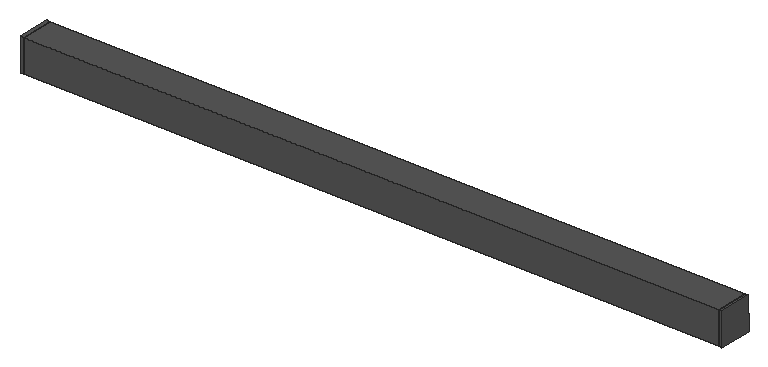
Revit family "EOS2.0m-WMM-I", category Lighting Fixtures, host Face, Revit 2018
Family settings
  Host = Face
  Round Connector Dimension = Use Diameter
  Part Type = Normal
  Cut with Voids When Loaded = No
  Light Source = Yes
  Shared = Yes
  Room Calculation Point = Yes
Parameters (values of type "4' Indirect")
  Wattage = 17.6471 W
  built-in parameter 1150110 = 1 (stored number, unit not read)
  Voltage = 0 V
  built-in parameter 1114217 = 1 (stored number, unit not read)
  built-in parameter 1150109 = 1 (stored number, unit not read)
  built-in parameter 1150134 = 12
  Switch Leg Visibility = no
  Switch Leg [instance] = ""
  built-in parameter 1150113 = 1 (stored number, unit not read)
  Material [instance] = LUX ILLUMINAIRE Black
  built-in parameter 1150105 = 477.46 (stored number, unit not read)
  Lumens = 1500 lm
  built-in parameter 1150115 = 1 (stored number, unit not read)
  Light Source Symbol Size = 2' - 0"
  built-in parameter 1150137 = (empty or 0)
  built-in parameter 1150139 = (empty or 0)
  built-in parameter 1150112 = 1 (stored number, unit not read)
  built-in parameter 1150114 = 1 (stored number, unit not read)
  Lamp = "LED"
  built-in parameter 1150132 = 2
  built-in parameter 1150102 = (empty or 0)
  built-in parameter 1150107 = 4000 (stored number, unit not read)
  built-in parameter 1150138 = (empty or 0)
  built-in parameter 1150106 = 4.7746 (stored number, unit not read)
  Fixture Width = 0' - 2 1/4"  # constant formula
  Fixture Symbol Visiblity = yes
  Fixture Length = 4' - 0.00193"
  Emit from Rectangle Width = Fixture Width - 0' 0 1/4"  # 0' - 2"
  Emit from Rectangle Length = Fixture Length  # 4' - 0.00193"
  Emit Shape Visible in Rendering = yes
  Emergency Lighting [instance] = no
  built-in parameter 1150104 = 7.8968 (stored number, unit not read)
  Dimming Lamp Color Temperature Shift = <None>
  Default Elevation = 7' - 0"
  Color Filter = 16777215
  built-in parameter 1140040 [instance] = 1
  built-in parameter 1114218 = 1 (stored number, unit not read)
  built-in parameter 1150133 = 10 (stored number, unit not read)
  Apparent Load = 13.7 VA
Types (6): name | Wattage | built-in parameter 1150105 | Lumens | built-in parameter 1150106 | Fixture Length | Emit from Rectangle Length | Apparent Load
  3' Indirect | 13.2353 W | 358.1 (stored number, unit not read) | 1125 lm | 3.581 (stored number, unit not read) | 3' - 0" | 3' - 0" | 13.7 VA
  4' Indirect | 17.6471 W | 477.46 (stored number, unit not read) | 1500 lm | 4.7746 (stored number, unit not read) | 4' - 0.00193" | 4' - 0.00193" | 13.7 VA
  5' Indirect | 22.0588 W | 596.83 (stored number, unit not read) | 1875 lm | 5.9683 (stored number, unit not read) | 5' - 0" | 5' - 0" | 17.2 VA
  6' Indirect | 26.4706 W | 716.2 (stored number, unit not read) | 2250 lm | 7.162 (stored number, unit not read) | 6' - 0" | 6' - 0" | 20.6 VA
  7' Indirect | 30.8824 W | 835.56 (stored number, unit not read) | 2625 lm | 8.3556 (stored number, unit not read) | 7' - 0" | 7' - 0" | 24 VA
  8' Indirect | 35.2941 W | 954.93 (stored number, unit not read) | 3000 lm | 9.5493 (stored number, unit not read) | 8' - 0" | 8' - 0" | 27.4 VA
Reference planes (in)
  plane 1 "Center (Front/Back)": y = 0
  plane 2: z = 0
  plane 3 "Center (Left/Right)": x = 0
  plane 4: x = 24.00097
  plane 5: x = -24.00097
  plane 6: z = 1
  plane 7: x = 24.249
  plane 8: x = -24.24966
  plane 9: z = 2.25
Forms (in)
  Extrusion 1, solid, material "LUX ILLUMINAIRE Black" <- "Material"
    sketch origin (0.0005, -21.84744, 2.09616) x (0.000014, 0, -1) y (0, 1, 0)
      loop
        line (-0.15384, 21.84501) -> (2.09501, 21.84501) -> (2.09501, 24.09501) -> (2.01002, 24.09501) -> (2.01002, 23.982) -> (1.85803, 23.99997) -> (0.08272, 23.99997) -> (-0.06885, 23.982) -> (-0.06885, 24.09501) -> (-0.15384, 24.09501) -> (-0.15384, 21.84501)
    from -24.0015 to 24.00046
  Extrusion 2, solid, material "LUX ILLUMINAIRE Black" <- "Material"
    sketch origin (0.0005, -21.84744, 2.09616) x (0.000014, 0, -1) y (0, 1, 0)
      loop
        line (-0.15384, 24.09501) -> (-0.15384, 21.84501) -> (2.09501, 21.84501) -> (2.09501, 24.09501) -> (-0.15384, 24.09501)
    from 24.00043 to 24.2485
  Extrusion 3, solid, not visible
    sketch origin (0, 0, 0) x (1, 0, 0) y (0, 1, 0)
      loop
        circle (0.00029, -24) r 0.1875
    from 0 to 1
  Extrusion 4, solid, not visible
    sketch origin (0, 0, 0) x (1, 0, 0) y (0, 1, 0)
      loop
        circle (0.0005, -24) r 0.03125
    from 1 to 13.33203
  Extrusion 5, solid, not visible
    sketch origin (0, 0, 0) x (1, 0, 0) y (0, 1, 0)
      loop
        circle (0.0005, -24) r 0.18729
    from 13.33203 to 14.08203
  Extrusion 6, solid, material "LUX ILLUMINAIRE Black" <- "Material"
    sketch origin (-23.9995, -21.84744, 2.09526) x (0.000014, 0, -1) y (0, -1, 0)
      loop
        line (-0.1544, -24.09501) -> (2.09319, -24.09501) -> (2.09319, -21.84501) -> (-0.1544, -21.84501) -> (-0.1544, -24.09501)
    from 0.00147 to 0.25019
Lines and regions (in)
  symbolic lines, visible <- "Fixture Symbol Visiblity"
    curve 1: line (24.00097, 0, 2.25) -> (-24.00097, 0, 2.25)
    curve 2: line (24.00097, 0, 0.09334) -> (24.00097, 0, 2.25)
    curve 3: line (-24.00097, 0, 0.09334) -> (24.00097, 0, 0.09334)
    curve 4: line (-24.00097, 0, 2.25) -> (-24.00097, 0, 0.09334)
Dimensions and locks (in)
  plane 5 to plane 4 = 4' - 0.00193"
  plane 4 to plane 5 = 4' - 0.00193"
  equal spacing: plane 4, plane 3 "Center (Left/Right)", plane 5
  "Fixture Length": plane 4 to plane 5
  plane 7 to plane 4 = 0' - 0.24804"
  plane 5 to plane 8 = 0' - 0.24869"
  "Fixture Width": plane 9 to level
  aligned and locked: plane 2 to host face
  aligned and locked: level to host face
  aligned and locked: plane 7 to Extrusion 2
  aligned and locked: Extrusion 2 to plane 4
  aligned and locked: plane 4 to Extrusion 1
  aligned and locked: Extrusion 6 to plane 8
  aligned and locked: plane 5 to Extrusion 6
  aligned and locked: Extrusion 1 to plane 5
  aligned and locked: plane 5 to curve 4
  aligned and locked: curve 2 to plane 4
  aligned and locked: plane 4 to nested 1
  aligned and locked: nested 1 to plane 5
Automatic sketch dimensions
  level to curve 3 = 0' - 0.09334"
  plane 6 to curve 2 = 0' - 1 1/4"
  host sketch curve to host sketch curve = 8' - 0"  (x2)
  Extrusion 2 sketch curve to Extrusion 2 sketch curve = 0' - 2.24885"
  Extrusion 2 sketch curve to plane 1 "Center (Front/Back)" = 0' - 2.24757"
  plane 1 "Center (Front/Back)" to Extrusion 2 sketch curve = 0' - 0.00243"
  Extrusion 1 sketch curve to plane 1 "Center (Front/Back)" = 0' - 2.24757"
  Extrusion 1 sketch curve to Extrusion 1 sketch curve = 0' - 0.08499"
  Extrusion 1 sketch curve to Extrusion 1 sketch curve = 0' - 0.15157"
  Extrusion 1 sketch curve to plane 1 "Center (Front/Back)" = 0' - 2.15253"
  Extrusion 1 sketch curve to Extrusion 1 sketch curve = 0' - 1.77531"
  Extrusion 1 sketch curve to plane 1 "Center (Front/Back)" = 0' - 2.13456"
  Extrusion 1 sketch curve to Extrusion 1 sketch curve = 0' - 0.15199"
  Extrusion 1 sketch curve to Extrusion 1 sketch curve = 0' - 2.24885"
  Extrusion 1 sketch curve to Extrusion 1 sketch curve = 0' - 0.113"  (x2)
  plane 1 "Center (Front/Back)" to Extrusion 1 sketch curve = 0' - 0.00243"
  Extrusion 6 sketch curve to Extrusion 6 sketch curve = 0' - 2.24759"
  Extrusion 6 sketch curve to plane 1 "Center (Front/Back)" = 0' - 2.24757"
  plane 1 "Center (Front/Back)" to Extrusion 6 sketch curve = 0' - 0.00243"
  radius of Extrusion 3 sketch curve = 0' - 0 3/16"
  radius of Extrusion 4 sketch curve = 0' - 0 1/32"
  radius of Extrusion 5 sketch curve = 0' - 0.18729"
Nested families (in)
  nested 1: "Emergency Symbol Rectangle" at (-0.00097, 0, -9.79915) x (-1, 0, 0) z (0, -1, 0), visible <- "Emergency Lighting", type "Emergency Symbol Rectangle"
    with Width 0' - 8.5983", Length 4' - 0.00193"
Connectors (in)
  electrical at (-0.00003, -2.01965, 3.36166), driven by "Apparent Load", driven by "Voltage"
    settings: on Extrusion 1, index 1, voltage 0 V, apparent load 0 VA, apparent load phase1 13.7 VA, apparent load phase2 0 VA, apparent load phase3 0 VA, power factor 1, load classification "Other", number of poles 1, system type 31, power factor state 1, is connector primary yes, connector utility no, sub classification motor no, connector description ""
Definition of nested family "Emergency Symbol Rectangle"
  Parameters (values of type "Emergency Symbol Rectangle")
    Width [instance] = 0' - 8 1/2"
    Length [instance] = 5' - 0"
    Emergency Visibility = no
  Reference planes (in)
    plane 1 "Center (Front/Back)": y = -7.75
    plane 2: z = 0
    plane 3 "Center (Left/Right)": x = -24
    plane 4: x = 24
    plane 5: x = -36
    plane 6: y = -3.5
    plane 7: y = -12
  Lines and regions (in)
    Filled region 1, type "Solid Fill - Black", in view "Ref. Level", detail levels coarse+medium
      outline origin (0, 0.25, 0) x (1, 0, 0) y (0, 1, 0)
        loop
          line (-36, -12.25) -> (24, -12.25) -> (-36, -10.125) -> (-36, -12.25)
  Dimensions and locks (in)
    equal spacing: plane 7, plane 1 "Center (Front/Back)", plane 6
    "Width": plane 7 to plane 6
    "Length": plane 5 to plane 4
    aligned and locked: plane 5 to Filled region 1
  Automatic sketch dimensions
    plane 1 "Center (Front/Back)" to Filled region 1 sketch curve = 0' - 2 1/8"
    Filled region 1 sketch curve to plane 3 "Center (Left/Right)" = 1' - 0"
    Filled region 1 sketch curve to plane 4 = 0' - 0"
    Filled region 1 sketch curve to plane 7 = 0' - 0"
